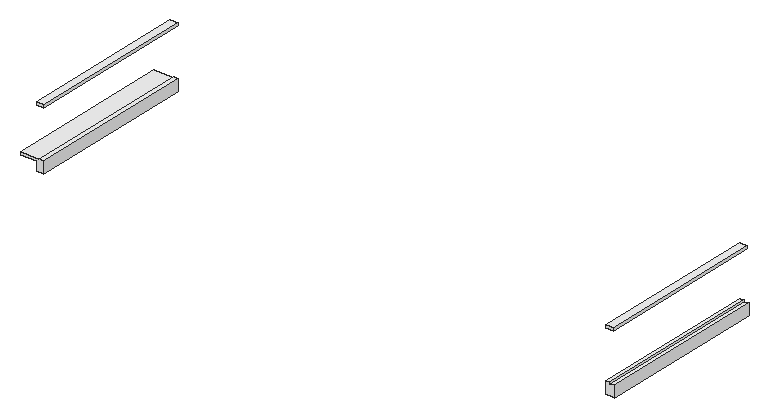
Revit family "CT_Bloco_D_Perfil", category Structural Framing, Revit 2025
Family settings
  Display in Hidden Views = Edges Hidden by Other Members
  Structural Framing Length Roundoff = 0.000 m
  Section Shape = Not Defined
  Material for Model Behavior = Concrete
  Always export as geometry = No
  Work Plane-Based = No
  Always vertical = Yes
  Cut with Voids When Loaded = Yes
  Symbolic Representation = From Family
  Shared = No
  Show family pre-cut in plan views = Yes
Parameters
  Structural Material [instance] = CT_Concreto
  Material_Viga_Janela [instance] = CT_Concreto
  Comprimento [instance] = 7.500 m
Reference planes (m)
  plane 1 "Centro (Frente/Trás)": y = 0
  plane 2: z = 0
  plane 3 "Centro (Esquerda/Direita)": x = 0
  plane 4: x = -15.9999
  plane 5: x = 9.1749
  plane 6: x = -5.2749
  plane 7: x = -2.2249
  plane 8: z = 4.76
  plane 9: z = 9.16
Forms (m)
  Extrusion 1, solid, material "CT_Concreto" <- "Structural Material"
    sketch origin (0, 0, 0.06) x (1, 0, 0) y (0, 0, 1)
      loop
        line (-15.9999, 4.7) -> (-16.1999, 4.7) -> (-16.1999, 4.65) -> (-17.0749, 4.65) -> (-17.0749, 4.55) -> (-16.3499, 4.55) -> (-16.3499, 4.19) -> (-16.3499, 4.15) -> (-15.9999, 4.15) -> (-15.9999, 4.7)
      loop
        line (9.5749, 4.15) -> (9.5749, 4.65) -> (9.3749, 4.65) -> (9.3749, 4.7) -> (9.1749, 4.7) -> (9.1749, 4.15) -> (9.5749, 4.15)
    from 0 to 7.5
  Extrusion 2, solid, material "CT_Concreto" <- "Material_Viga_Janela"
    sketch origin (0, 0, 0.06) x (1, 0, 0) y (0, 0, 1)
      loop
        line (-15.9999, 6.92) -> (-16.3499, 6.92) -> (-16.3499, 6.82) -> (-15.9999, 6.82) -> (-15.9999, 6.92)
      loop
        line (9.5249, 6.92) -> (9.1749, 6.92) -> (9.1749, 6.82) -> (9.5249, 6.82) -> (9.5249, 6.92)
    from 0 to 7.5
Dimensions and locks (m)
  "Comprimento": Extrusion 1 to Extrusion 1
  locked: plane 5 to plane 4 at 25.1748
  locked: plane 8 to level at 4.76
  locked: plane 9 to plane 8 at 4.4
  aligned and locked: level to plane 2
  aligned and locked: Extrusion 2 to Extrusion 1  (x3)
  aligned and locked: Extrusion 1 to Extrusion 2
Automatic sketch dimensions
  level to Extrusion 1 sketch curve = 4.610 m
  Extrusion 1 sketch curve to plane 3 "Centro (Esquerda/Direita)" = 17.0749 m
  Extrusion 1 sketch curve to Extrusion 1 sketch curve = 0.725 m
  Extrusion 1 sketch curve to Extrusion 1 sketch curve = 0.150 m
  Extrusion 1 sketch curve to Extrusion 1 sketch curve = 0.200 m  (x2)
  plane 3 "Centro (Esquerda/Direita)" to Extrusion 1 sketch curve = 9.1749 m
  Extrusion 1 sketch curve to Extrusion 1 sketch curve = 0.400 m
  Extrusion 1 sketch curve to Extrusion 1 sketch curve = 0.360 m
  level to Extrusion 1 sketch curve = 4.210 m
  Extrusion 1 sketch curve to Extrusion 1 sketch curve = 0.040 m
  Extrusion 1 sketch curve to Extrusion 1 sketch curve = 0.100 m
  Extrusion 1 sketch curve to Extrusion 1 sketch curve = 0.500 m
  Extrusion 1 sketch curve to Extrusion 1 sketch curve = 0.050 m  (x2)
  Extrusion 2 sketch curve to Extrusion 2 sketch curve = 0.350 m  (x2)
  Extrusion 2 sketch curve to Extrusion 2 sketch curve = 0.100 m  (x2)
  level to Extrusion 2 sketch curve = 6.980 m
  Extrusion 2 sketch curve to plane 3 "Centro (Esquerda/Direita)" = 15.9999 m
  plane 3 "Centro (Esquerda/Direita)" to Extrusion 2 sketch curve = 9.1749 m
  level to Extrusion 2 sketch curve = 6.880 m
